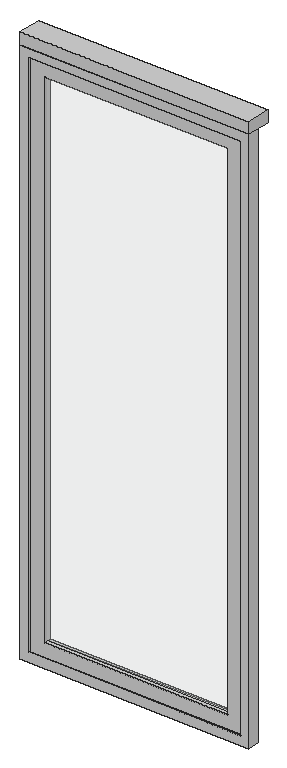
Revit family "Door_Fixed Panel_The Sliding Door Company_1-Panel Fixed (Open-Air)", category Doors, host Wall, Revit 2019
Family settings
  Host = Wall
  OmniClass Number = 23.30.10.00
  OmniClass Title = Doors
  Always vertical = Yes
  Cut with Voids When Loaded = No
  Shared = No
  Room Calculation Point = No
Parameters (values of type "1 Fixed Panel with 2x4 Beam (Open-Air)")
  URL = "https://www.slidingdoorco.com"
  Thickness = 1 1/4"  # constant formula
  Rough Width = Finished Opening or Order Width + 5/8" * 2  # 41 1/4"
  Rough Height = Finished Opening Height + 5/8"  # 96 5/8"
  Panel Width = Width - 2"  # 38"
  Panel Height = Height - 1 1/2"  # 94 1/2"
  Overall System Height = Finished Opening Height + 2"  # 98"
  Model = "Fixed Panel System (Open-Air)"  # constant formula
  Manufacturer = "The Sliding Door Company"  # constant formula
  Limitations = "Panel Width x System Height cannot exceed 7,400 square inches"  # constant formula
  Glass Thickness = "Available in: 5mm Tempered, 7mm,10mm,11mm Laminated Glass"  # constant formula
  Glass Material [instance] = TSDC - Glass - Clear
  Function = Interior
  Height = if(Finished Opening Height > 122", 122", Finished Opening Height)  # 96"
  Wall Closure = By host
  Width = if(Finished Opening or Order Width > 54", 54", Finished Opening or Order Width)  # 40"
  Stile/Rail = 3"
  Fire Rating = "N/A"  # constant formula
  Finished Opening or Order Width = 40"
  Finished Opening Height = 96"
  Door Casing Material [instance] = TSDC - Casing/Upper Track - Anodized Aluminum Silver
  Description = "1 Fixed Panel System"  # constant formula
  Contact The Sliding Door Company = "https://www.slidingdoorco.com/contact"
  Construction Type = "Fixed Panel System, Mounted to 2x4 Beam"  # constant formula
  Analytic Construction = "<None>"
  3" Frame (No Support Dividers) = "Max. H=122 in., Max. W=52 in. panel width"  # constant formula
  1 1/2" Frame (No Support Dividers) = "Max. H=108 in., Max. W=50 in. panel width"  # constant formula
Reference planes (in)
  plane 1 "Center (Front/Back)": y = 0
  plane 2 "Center (Left/Right)": x = 0
  plane 3 "Top": z = 96
  plane 4 "Exterior": y = 3
  plane 5 "Interior": y = -3
  plane 6 "2": z = 94.375
  plane 7 "3": z = 95.25
  plane 8: y = -0.67851
  plane 9: x = -20
  plane 10: x = 20
  plane 11: x = 19
  plane 12: x = -19
  plane 13 "4": z = 98
  plane 14: z = 0.75
Forms (in)
  Extrusion 1, solid, material "TSDC - Casing/Upper Track - Anodized Aluminum Silver" <- "Door Casing Material"
    sketch origin (40.75888, -1.3998, 0) x (-1, 0, 0) y (0, 0, -1)
      loop
        line (59.75888, -95.25) -> (59.75888, -0.75) -> (21.75888, -0.75) -> (21.75888, -95.25) -> (59.75888, -95.25)
      loop
        line (56.75888, -92.25) -> (56.75888, -3.75) -> (24.75888, -3.75) -> (24.75888, -92.25) -> (56.75888, -92.25)
    from 0 to 1.25
  Extrusion 2, solid, material "TSDC - Glass - Clear" <- "Glass Material"
    sketch origin (40.75888, -1.8998, 0) x (-1, 0, 0) y (0, 0, -1)
      loop
        line (56.75888, -92.25) -> (56.75888, -3.75) -> (24.75888, -3.75) -> (24.75888, -92.25) -> (56.75888, -92.25)
    from 0 to 0.25
  Sweep 3, solid, material "TSDC - Casing/Upper Track - Anodized Aluminum Silver" <- "Door Casing Material"
    path origin (0, 0, 0) x (1, 0, 0) y (0, 0, 1)
      loop
        line (20, 96) -> (-20, 96) -> (-20, 0) -> (20, 0) -> (20, 96)
    profile origin (0, 0, 96) x (0, 0, -1) y (0, -1, 0)
      loop
        line (0, 3) -> (0, 1.0248) -> (1.5, 1.0248) -> (1.5, 1.36074) -> (0.0625, 1.36074) -> (0.0625, 2.68886) -> (1.5, 2.68886) -> (1.5, 3) -> (0, 3)
  Extrusion 4, solid, material "TSDC - Casing/Upper Track - Anodized Aluminum Silver" <- "Door Casing Material"
    sketch origin (0, 0, 0) x (0, 1, 0) y (0, 0, 1)
      loop
        line (-3, 98) -> (-3, 96) -> (1, 96) -> (1, 98) -> (-3, 98)
    from -20 to 20
Lines and regions (in)
  Opening 1
    outline origin (-60, -3, 0) x (1, 0, 0) y (0, 0, 1)
      loop
        line (80, 0) -> (80, 98) -> (40, 98) -> (40, 0) -> (80, 0)
  model lines, not visible
    curve 1: line (-29.8125, -2.71348, 0) -> (-29.8125, -1.28652, 0)
    curve 2: line (-28.3125, -3, 0) -> (-29.8125, -3, 0)
    curve 3: line (-29.23047, -1.28652, 0) -> (-29.8125, -1.28652, 0)
    curve 4: line (-29.75, -2.65098, 0) -> (-29.75, -1.34902, 0)
    curve 5: line (-29.23047, -1.07167, 0) -> (-29.23047, -1.28652, 0)
    curve 6: line (-29.16797, -1.07167, 0) -> (-29.23047, -1.07167, 0)
    curve 7: line (-29.16797, -1.28652, 0) -> (-29.16797, -1.07167, 0)
    curve 8: line (-28.42188, -1.07167, 0) -> (-28.42188, -1.28652, 0)
    curve 9: line (-28.35938, -1.34902, 0) -> (-28.35938, -1.07167, 0)
    curve 10: line (-28.42188, -1.28652, 0) -> (-29.16797, -1.28652, 0)
    curve 11: line (-28.35938, -1.07167, 0) -> (-28.42188, -1.07167, 0)
    curve 12: line (-28.35938, -1.34902, 0) -> (-29.75, -1.34902, 0)
    curve 13: line (-29.23047, -2.71348, 0) -> (-29.8125, -2.71348, 0)
    curve 14: line (-29.23047, -2.92833, 0) -> (-29.23047, -2.71348, 0)
    curve 15: line (-29.16797, -2.92833, 0) -> (-29.23047, -2.92833, 0)
    curve 16: line (-29.16797, -2.71348, 0) -> (-29.16797, -2.92833, 0)
    curve 17: line (-28.42188, -2.92833, 0) -> (-28.42188, -2.71348, 0)
    curve 18: line (-28.35938, -2.65098, 0) -> (-28.35938, -2.92833, 0)
    curve 19: line (-28.42188, -2.71348, 0) -> (-29.16797, -2.71348, 0)
    curve 20: line (-28.35938, -2.92833, 0) -> (-28.42188, -2.92833, 0)
    curve 21: line (-28.35938, -2.65098, 0) -> (-29.75, -2.65098, 0)
    curve 22: line (-28.3125, -1.0248, 0) -> (-29.8125, -1.0248, 0)
    curve 23: line (-29.8125, -1.0248, 0) -> (-29.8125, -1.2748, 0)
    curve 24: line (-29.8125, -1.2748, 0) -> (29.8125, -1.2748, 0)
    curve 25: line (-29.77734, -1.2748, 0) -> (-29.77734, -1.05996, 0)
    curve 26: line (-29.24219, -1.2748, 0) -> (-29.24219, -1.05996, 0)
    curve 27: line (-29.27734, -1.05996, 0) -> (-29.27734, -1.2748, 0)
    curve 28: line (-29.77734, -1.05996, 0) -> (-28.34766, -1.05996, 0)
    curve 29: line (-28.34766, -1.05996, 0) -> (-28.34766, -1.34902, 0)
    curve 30: line (-28.3125, -1.34902, 0) -> (-28.3125, -1.0248, 0)
    curve 31: line (-28.34766, -1.34902, 0) -> (-28.3125, -1.34902, 0)
Text (in)
  text "Exterior" at (-165.54235, 27.31104, 0), in view "Ref. Level"
  text "Interior" at (-165.54235, -25.14366, 0), in view "Ref. Level"
  text "Exterior" at (0, 40.15149, 123.01588), in view "Right"
  text "Interior" at (0, -64.39139, 123.01588), in view "Right"
  text "Interior" at (0, -31.01599, 123.00693), in view "Left"
  text "Exterior" at (0, 54.57065, 123.00693), in view "Left"
Dimensions and locks (in)
  "Height": level to plane 3 "Top"
  locked: plane 6 "2" to plane 3 "Top" at 1.625
  locked: plane 7 "3" to plane 3 "Top" at 0.75
  "Stile/Rail": Extrusion 1 to Extrusion 1  (x4)
  equal spacing: plane 9, plane 2 "Center (Left/Right)", plane 10
  "Width": plane 9 to plane 10
  locked: plane 9 to plane 12 at 1
  locked: plane 11 to plane 10 at 1
  plane 5 "Interior" to Extrusion 1 to Extrusion 1 = 0.3502" locked, 1 1/4" locked
  plane 5 "Interior" to Extrusion 2 to Extrusion 2 = 0.8502" locked, 1/4" locked
  locked: Extrusion 1 to Extrusion 1 at 1.25
  Sweep 3 to Sweep 3 to Sweep 3 to Sweep 3 = 43/128" locked, 1 21/64" locked, 0.31114" locked
  plane 12 to plane 11 = 38"
  locked: plane 3 "Top" to plane 13 "4" at 2
  locked: Extrusion 4 to plane 5 "Interior" at 4
  aligned and locked: plane 4 "Exterior" to host wall
  aligned and locked: host wall to plane 5 "Interior"
  aligned and locked: Extrusion 1 to Extrusion 2  (x4)
  aligned and locked: plane 10 to Opening 1 sketch curve
  aligned and locked: Sweep 3 sketch curve to host wall
  aligned and locked: profile plane to Sweep 3 sketch curve
  aligned and locked: host wall to Sweep 3 sketch curve
  aligned and locked: plane 11 to Extrusion 1
  aligned and locked: plane 13 "4" to Extrusion 4 sketch curve
  aligned and locked: plane 5 "Interior" to Extrusion 4 sketch curve
  aligned and locked: plane 3 "Top" to Extrusion 4 sketch curve
  aligned and locked: plane 13 "4" to Opening 1 sketch curve
  aligned and locked: Extrusion 4 to host wall
  aligned and locked: plane 9 to Sweep 3 sketch curve
  aligned and locked: host wall to Extrusion 4
  aligned and locked: Extrusion 4 to plane 9
  aligned and locked: Extrusion 1 to plane 14
Automatic sketch dimensions
  Opening 1 sketch curve to level = 0"
  plane 2 "Center (Left/Right)" to Extrusion 1 sketch curve = 19"
  Extrusion 1 sketch curve to plane 7 "3" = 0"
  Extrusion 1 sketch curve to plane 12 = 0"
  plane 6 "2" to Extrusion 1 sketch curve = 2 1/8"
  plane 2 "Center (Left/Right)" to Extrusion 1 sketch curve = 16"
  plane 12 to Extrusion 1 sketch curve = 3"
  plane 6 "2" to Extrusion 2 sketch curve = 2 1/8"
  plane 2 "Center (Left/Right)" to Extrusion 2 sketch curve = 16"
  plane 12 to Extrusion 2 sketch curve = 3"
  curve 24 to curve 1 = 0"
  curve 2 to curve 1 = 0"
  curve 22 to curve 28 = 9/256"
  curve 1 to curve 4 = 1/16"
  curve 4 to curve 14 = 133/256"
  curve 4 to curve 3 = 133/256"
  curve 3 to curve 10 = 1/16"
  curve 13 to curve 16 = 1/16"
  curve 16 to curve 19 = 191/256"
  curve 6 to curve 8 = 191/256"
  curve 17 to curve 18 = 1/16"
  curve 8 to curve 12 = 1/16"
  curve 18 to curve 2 = 3/64"
  curve 2 to curve 20 = 0.07167"
  curve 2 to curve 16 = 0.07167"
  curve 15 to curve 16 = 55/256"
  curve 14 to curve 16 = 0"
  curve 17 to curve 21 = 1/16"
  curve 18 to curve 12 = 1.30196"
  curve 9 to curve 10 = 1/16"
  curve 5 to curve 7 = 0"
  curve 1 to curve 24 = 3/256"
  curve 26 to curve 5 = 13/64"
  curve 8 to curve 11 = 55/256"
  curve 25 to curve 28 = 55/256"
  curve 25 to curve 22 = 9/256"
  curve 27 to curve 5 = 3/64"
  curve 26 to curve 5 = 3/256"
  curve 9 to curve 29 = 3/256"
  curve 28 to curve 31 = 9/256"
  curve 28 to curve 24 = 58 41/256"
  curve 9 to curve 30 = 0"
  Sweep 3 sketch curve to Sweep 3 sketch curve = 0"
  Sweep 3 sketch curve to level = 0"
  Sweep 3 sketch curve to profile plane = 1/16"
  Sweep 3 sketch curve to Sweep 3 sketch curve = 1 7/16"
  Sweep 3 sketch curve to Sweep 3 sketch curve = 43/128"
  Sweep 3 sketch curve to Sweep 3 sketch curve = 0.31114"
  Sweep 3 sketch curve to Sweep 3 sketch curve = 1 21/64"
  Extrusion 4 sketch curve to host wall = 1"
  Sweep 3 sketch curve to plane 3 "Top" = 0"
  Opening 1 sketch curve to plane 9 = 0"
  Extrusion 1 sketch curve to plane 14 = 0"
  plane 14 to Extrusion 1 sketch curve = 3"
  plane 14 to Extrusion 2 sketch curve = 3"
